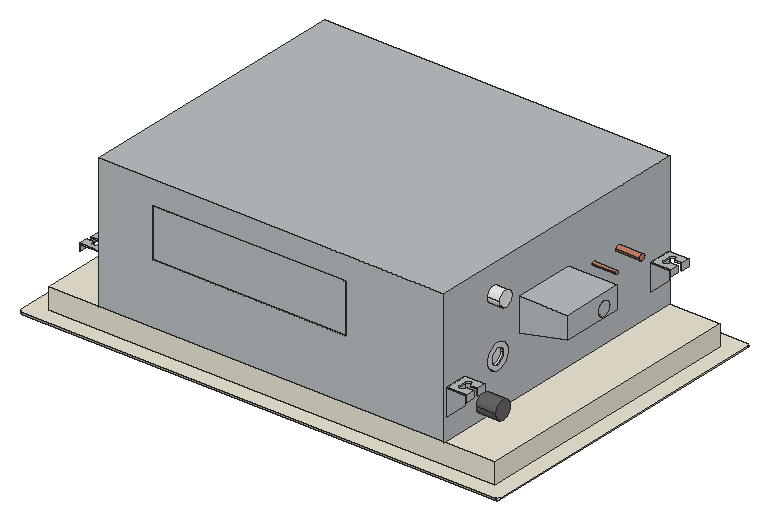
Revit family
Parameters (values of type "PLFY-P20VLMD-E")
  Description = "Ceiling concealed"
  Manufacturer = "Mitsubishi Electric Corporation"
  Model = "PLFY-P20VLMD-E"
  Type Comments = ""
  Width = 1080.00 mm
  Unit Weight(kg) = "23"
  URL = "http://global.mitsubishielectric.com/index.html"
  Suspension bolt pitch Depth [instance] = 574.00 mm
  Suspendion bolt pitch Width [instance] = 824.00 mm
  Subcategory = "HVAC"
  Specification URL = "http://www.mitsubishielectric.eu/en/our_businesses/les"
  Sound Pressure Levels (dB(A)) = "27-30-33(220V, 240V), 28-31-34(230V)"
  Refrigerant type = "-"
  Refrigerant Charge = "-"
  Protection Devices Inverter = "Fuse"
  Protection Devices Fan = "-"
  Protection Devices Compressor = "-"
  Power source = "Galvanized"
  MOCP = "-"
  MCA = "-"
  Lubricant = "-"
  Liquid pipe = 3.18 mm
  Hight pressure Protection Device = "-"
  Height = ""
  Heating Power Input(kW) = "0.065/0.069"
  Heating Current(A) = "0.30/0.32"
  Heating Capacity (BTU) = "8500"
  Gus pipe = 6.35 mm
  Fan Type x Quantity = "Turbo fan x 1"
  Fan Motor Output(kW) = "0.015"
  Depth [instance] = 710.00 mm
  Cooling Power Input(kW) = "0.072/0.075"
  Cooling Current(A) = "0.36/0.37"
  Cooling Capacity (BTU) = "7500"
  Connecting Pipe High pressure = "-"
  Compressor Type x Quantity = "-"
  Compressor Operating Range = "-"
  Compressor Motor Output = "-"
  Compressor Crankcase Heater = "-"
  Ceiling Opening Width [instance] = 1040.00 mm
  Ceiling Opening Depth [instance] = 670.00 mm
  Branch duct width = 435.00 mm
  Airflow Rate(cfm) = "230-283-335"
Types (8, lengths in mm): name | Model | Width | Unit Weight(kg) | Suspendion bolt pitch Width | Sound Pressure Levels (dB(A)) | Liquid pipe | Heating Power Input(kW) | Heating Current(A) | Heating Capacity (BTU) | Gus pipe | Fan Type x Quantity | Fan Motor Output(kW) | Cooling Power Input(kW) | Cooling Current(A) | Cooling Capacity (BTU) | Ceiling Opening Width | Branch duct width | Airflow Rate(cfm)
  PLFY-P40VLMD-E | "PLFY-P40VLMD-E" | 1080.00 | "24" | 994.00 | "29-33-36(220V, 240V), 30-34-37(230V)" | 3.18 | "0.074/0.079" | "0.34/0.37" | "17100" | 6.35 | "Turbo fan x 1" | "0.015" | "0.081/0.085" | "0.40/0.42" | "15400" | 1210.00 | 435.00 | "247-300-371"
  PLFY-P20VLMD-E | "PLFY-P20VLMD-E" | 1080.00 | "23" | 824.00 | "27-30-33(220V, 240V), 28-31-34(230V)" | 3.18 | "0.065/0.069" | "0.30/0.32" | "8500" | 6.35 | "Turbo fan x 1" | "0.015" | "0.072/0.075" | "0.36/0.37" | "7500" | 1040.00 | 435.00 | "230-283-335"
  PLFY-P25VLMD-E | "PLFY-P25VLMD-E" | 1080.00 | "23" | 824.00 | "27-30-33(220V, 240V), 28-31-34(230V)" | 3.18 | "0.065/0.069" | "0.30/0.32" | "10900" | 6.35 | "Turbo fan x 1" | "0.015" | "0.072/0.075" | "0.36/0.37" | "9600" | 1040.00 | 435.00 | "230-283-335"
  PLFY-P32VLMD-E | "PLFY-P32VLMD-E" | 1080.00 | "24" | 824.00 | "27-30-33(220V, 240V), 28-31-34(230V)" | 3.18 | "0.065/0.069" | "0.30/0.32" | "13600" | 6.35 | "Turbo fan x 1" | "0.015" | "0.072/0.075" | "0.36/0.37" | "12300" | 1040.00 | 435.00 | "230-283-335"
  PLFY-P50VLMD-E | "PLFY-P50VLMD-E" | 1250.00 | "27" | 994.00 | "31-34-37(220V, 240V), 32-35-38(230V)\r\n32-35-38(230V)" | 3.18 | "0.075/0.080" | "0.35/0.38" | "21500" | 6.35 | "Turbo fan x 1" | "0.020" | "0.082/0.086" | "0.41/0.43" | "19100" | 1210.00 | 435.00 | "318-388-441"
  PLFY-P63VLMD-E | "PLFY-P63VLMD-E" | 1250.00 | "28" | 994.00 | "32-37-39(220V, 240V), 33-38-40(230V)\r\n32-35-38(230V)" | 4.76 | "0.094/0.099" | "0.43/0.46" | "27300" | 7.94 | "Turbo fan x 1" | "0.020" | "0.101/0.105" | "0.49/0.51" | "24200" | 1210.00 | 435.00 | "353-459-547"
  PLFY-P80VLMD-E | "PLFY-P80VLMD-E" | 1750.00 | "44" | 1494.00 | "33-36-39(220V, 240V), 34-37-40(230V)\r\n32-35-38(230V)" | 4.76 | "0.140/0.150" | "0.66/0.69" | "34100" | 7.94 | "Turbo fan x 2" | "0.020" | "0.147/0.156" | "0.72/0.74" | "30700" | 1710.00 | 754.00 | "547-653-777"
  PLFY-P100VLMD-E | "PLFY-P100VLMD-E" | 1750.00 | "47" | 1494.00 | "36-39-42(220V, 240V), 37-41-43(230V)" | 4.76 | "0.150/0.180" | "0.69/0.83" | "42700" | 7.94 | "Turbo fan x 2" | "0.030" | "0.157/0.186" | "0.75/0.88" | "38200" | 1710.00 | 754.00 | "618-742-883"
Reference planes
  plane 1 "中心(正面/背面)": y = 0
  plane 2: z = 0
  plane 3 "中心(左/右)": x = 0
  plane 4 "天井": z = 4000
  plane 5: x = 540
  plane 6: x = -540
  plane 7: y = 355
  plane 8: y = -355
  plane 9: x = -520
  plane 10: x = 520
  plane 11: x = -412
  plane 12: x = 412
  plane 13: x = 388
  plane 14: x = -388
  plane 15: y = -335
  plane 16: y = 335
  plane 17: y = -287
  plane 18: y = 287
  plane 19: y = 317
  plane 20: y = -317
  plane 21: z = 3980
  plane 22: z = 4045
  plane 23: z = 4345
  plane 24: z = 4223
  plane 25: z = 4155
  plane 26: z = 4079
  plane 27: y = -180
  plane 28: y = 171
  plane 29: y = 101
  plane 30: y = -190
  plane 31: y = -120
  plane 32: y = 120
  plane 33: y = -95
  plane 34: y = 120
  plane 35: z = 4055
  plane 36: z = 4285
  plane 37: z = 4143
  plane 38: z = 4129
  plane 39: z = 4216
  plane 40: z = 4070
  plane 41: z = 4084
  plane 42: z = 4311
  plane 43: z = 4293
  plane 44: z = 4152
  plane 45: z = 4183
  plane 46: x = -502
  plane 47: x = 502
Forms (mm)
  Extrusion 1, solid, material "Plastic_Beige"
    sketch origin (0, 0, 4000) x (0, 1, 0) y (-1, 0, 0)
      loop
        arc (355, 530) -> (352.071, 537.071) -> (345, 540) r 10
        line (345, 540) -> (-345, 540)
        arc (-345, 540) -> (-352.071, 537.071) -> (-355, 530) r 10
        line (-355, 530) -> (-355, -530)
        arc (-355, -530) -> (-352.071, -537.071) -> (-345, -540) r 10
        line (-345, -540) -> (345, -540)
        arc (345, -540) -> (352.071, -537.071) -> (355, -530) r 10
        line (355, -530) -> (355, 530)
    from 0 to -20
  Extrusion 2, void
    sketch origin (0, 0, 0) x (1, 0, 0) y (0, 0, 1)
      loop
        arc (540, 4000) -> (522.361, 3985.279) -> (500, 3980) r 50
        line (500, 3980) -> (540, 3980) -> (540, 4000)
      loop
        line (-540, 4000) -> (-540, 3980) -> (-500, 3980)
        arc (-500, 3980) -> (-522.361, 3985.279) -> (-540, 4000) r 50
    from -355 to 355
  Extrusion 3, void
    sketch origin (0, 0, 0) x (0, 1, 0) y (0, 0, 1)
      loop
        line (-355, 4000) -> (-355, 3980) -> (-315, 3980)
        arc (-315, 3980) -> (-337.361, 3985.279) -> (-355, 4000) r 50
      loop
        arc (355, 4000) -> (337.361, 3985.279) -> (315, 3980) r 50
        line (315, 3980) -> (355, 3980) -> (355, 4000)
    from -540 to 540
  Extrusion 4, solid, material "Plastic_Beige"
    sketch origin (0, 0, 4000) x (0, 1, 0) y (-1, 0, 0)
      loop
        line (317, 502) -> (-317, 502) -> (-317, -502) -> (317, -502) -> (317, 502)
    from 0 to 45
  Extrusion 5, void
    sketch origin (0, 0, 4000) x (0, 1, 0) y (-1, 0, 0)
      loop
        line (306.206, 432.75) -> (240.206, 432.75) -> (240.206, -432.75) -> (304.803, -432.75)
        arc (304.803, -432.75) -> (312.246, -429.667) -> (315.329, -422.224) r 10.526
        line (315.329, -422.224) -> (315.329, 423.627)
        arc (315.329, 423.627) -> (312.657, 430.078) -> (306.206, 432.75) r 9.123
      loop
        arc (223.706, 422.75) -> (220.777, 429.821) -> (213.706, 432.75) r 10
        line (213.706, 432.75) -> (149.406, 432.75) -> (149.406, -432.75) -> (213.706, -432.75)
        arc (213.706, -432.75) -> (220.777, -429.821) -> (223.706, -422.75) r 10
        line (223.706, -422.75) -> (223.706, 422.75)
      loop
        arc (-306.206, 432.75) -> (-312.657, 430.078) -> (-315.329, 423.627) r 9.123
        line (-315.329, 423.627) -> (-315.329, -422.224)
        arc (-315.329, -422.224) -> (-312.246, -429.667) -> (-304.803, -432.75) r 10.526
        line (-304.803, -432.75) -> (-240.206, -432.75) -> (-240.206, 432.75) -> (-306.206, 432.75)
      loop
        line (-223.706, 422.75) -> (-223.706, -422.75)
        arc (-223.706, -422.75) -> (-220.777, -429.821) -> (-213.706, -432.75) r 10
        line (-213.706, -432.75) -> (-149.406, -432.75) -> (-149.406, 432.75) -> (-213.706, 432.75)
        arc (-213.706, 432.75) -> (-220.777, 429.821) -> (-223.706, 422.75) r 10
    from -5.146 to -40.01
  Extrusion 6, solid, material "Plated steel"
    sketch origin (0, 0, 4045) x (0, 1, 0) y (-1, 0, 0)
      loop
        line (-317, 388) -> (-317, -388) -> (317, -388) -> (317, 388) -> (-317, 388)
    from 0 to 300
  Extrusion 7, solid, material "Copper"
    sketch origin (388, -317, 4045) x (0, 1, 0) y (0, 0, 1)
      loop
        circle (488, 178) r 6.35
    from 0 to 55
  Extrusion 8, solid, material "Copper"
    sketch origin (0, 0, 0) x (0, 1, 0) y (0, 0, 1)
      loop
        circle (101, 4223) r 3.18
    from 388 to 443
  Blend 9, solid, material "Plated steel"
    base sketch origin (388, -317, 4045) x (0, 1, 0) y (0, 0, 1)
      loop
        line (209, 203.5) -> (209, 130) -> (347, 130) -> (347, 203.5) -> (209, 203.5)
    top sketch origin (388, -317, 4045) x (0, 1, 0) y (0, 0, 1)
      loop
        line (209, 203.5) -> (209, 153.5) -> (347, 153.5) -> (347, 203.5) -> (209, 203.5)
    from 0 to 112
  Extrusion 10, solid, material "Plastic_Gray"
    sketch origin (388, -317, 4045) x (0, 1, 0) y (0, 0, 1)
      loop
        circle (108.2, 34) r 20
    from 0 to 46
  Extrusion 11, solid, material "Plastic_White"
    sketch origin (388, -317, 4045) x (0, 1, 0) y (0, 0, 1)
      loop
        circle (137, 240) r 16.9
    from 0 to 29.2
  Extrusion 12, void
    sketch origin (388, -317, 4045) x (0, -1, 0) y (0, 0, 1)
      loop
        circle (-149, 108.75) r 19.25
    from 0 to 20
  Extrusion 13, solid
    sketch origin (388, -317, 4045) x (0, 1, 0) y (0, 0, 1)
      loop
        circle (149, 108.75) r 18.75
    from 0 to -8
  Extrusion 14, void
    sketch origin (388, -317, 4045) x (0, -1, 0) y (0, 0, 1)
      loop
        circle (-149, 108.75) r 17.75
    from 0 to 7
  Extrusion 15, solid
    sketch origin (388, -317, 4045) x (0, 1, 0) y (0, 0, 1)
      loop
        circle (149, 108.75) r 17.75
      loop
        circle (149, 108.75) r 27.75
    from 0 to 2
  Extrusion 16, void
    sketch origin (-388, 317, 4045) x (0, 1, 0) y (0, 0, 1)
      loop
        line (-412, 39) -> (-197, 39) -> (-197, 84) -> (-412, 84) -> (-412, 39)
      loop
        line (-198, 83) -> (-411, 83) -> (-411, 40) -> (-198, 40) -> (-198, 83)
    from 0 to 2
  Extrusion 17, solid, material "Plated steel"
    sketch origin (500, -317, 4045) x (0, 1, 0) y (0, 0, 1)
      loop
        circle (307.371, 174.996) r 15
    from 0 to 2
  Extrusion 18, void
    sketch origin (-388, -317, 4045) x (-1, 0, 0) y (0, 0, 1)
      loop
        line (-120, 248) -> (-555, 248) -> (-555, 138) -> (-120, 138) -> (-120, 248)
      loop
        line (-554, 247) -> (-554, 139) -> (-121, 139) -> (-121, 247) -> (-554, 247)
    from 0 to 2
Cuts and joins
  Extrusion 2, Extrusion 3, Extrusion 5 cuts Extrusion 1
  Extrusion 5 cuts Extrusion 4
  Extrusion 12, Extrusion 14, Extrusion 16, Extrusion 18 cuts Extrusion 6
  Extrusion 14 cuts Extrusion 13
Dimensions and locks
  equal spacing: host sketch curve, plane 3 "中心(左/右)", host sketch curve
  equal spacing: host sketch curve, plane 1 "中心(正面/背面)", host sketch curve
  host sketch curve to host sketch curve = 4000.00 mm  (x2)
  locked: plane 4 "天井" to host ceiling at 0
  "Width": plane 6 to plane 5
  equal spacing: plane 6, plane 3 "中心(左/右)", plane 5
  equal spacing: plane 8, plane 1 "中心(正面/背面)", plane 7
  "Depth": plane 8 to plane 7
  locked: plane 6 to plane 9 at 20
  locked: plane 10 to plane 5 at 20
  "Ceiling Opening Width": plane 9 to plane 10
  locked: plane 9 to plane 11 at 108
  locked: plane 12 to plane 10 at 108
  "Suspendion bolt pitch Width": plane 11 to plane 12
  locked: plane 5 to plane 13 at 152
  locked: plane 14 to plane 6 at 152
  plane 13 to plane 14 = 776.00 mm
  locked: plane 8 to plane 15 at 20
  locked: plane 16 to plane 7 at 20
  "Ceiling Opening Depth": plane 15 to plane 16
  locked: plane 8 to plane 17 at 68
  locked: plane 18 to plane 7 at 68
  "Suspension bolt pitch Depth": plane 17 to plane 18
  plane 20 to plane 19 = 634.00 mm
  equal spacing: plane 20, plane 1 "中心(正面/背面)", plane 19
  locked: host ceiling to plane 21 at 20
  locked: plane 22 to host ceiling at 45
  locked: plane 27 to plane 19 at 497
  locked: plane 28 to plane 19 at 146
  locked: plane 29 to plane 28 at 70
  locked: plane 30 to plane 19 at 507
  locked: plane 31 to plane 20 at 197
  locked: plane 32 to plane 31 at 240
  plane 34 to plane 33 = 215.00 mm
  locked: plane 33 to plane 20 at 222
  locked: plane 22 to plane 35 at 10
  locked: plane 35 to plane 23 at 290
  locked: plane 24 to plane 23 at 122
  locked: plane 25 to plane 23 at 190
  locked: plane 26 to plane 23 at 266
  locked: plane 36 to plane 23 at 60
  locked: plane 37 to plane 23 at 202
  locked: plane 38 to plane 23 at 216
  locked: plane 40 to plane 37 at 73
  locked: plane 41 to plane 38 at 45
  locked: plane 42 to plane 23 at 34
  locked: plane 43 to plane 23 at 52
  locked: plane 44 to plane 42 at 159
  locked: plane 45 to plane 43 at 110
  locked: plane 47 to plane 5 at 38
  locked: plane 6 to plane 46 at 38
  locked: plane 6 to Extrusion 5 sketch curve at 107.25  (x2)
  locked: Extrusion 5 sketch curve to Extrusion 5 sketch curve at 66  (x2)
  Extrusion 5 sketch curve to Extrusion 5 sketch curve = 64.596 mm
  locked: Extrusion 5 sketch curve to plane 5 at 107.25  (x2)
  locked: Extrusion 5 sketch curve to Extrusion 5 sketch curve at 74.3  (x2)
  cut or joined group of Extrusion 1, Extrusion 2, Extrusion 3, Extrusion 5 to cut or joined group of Extrusion 1, Extrusion 2, Extrusion 3, Extrusion 5 = 5.146 mm
  locked: plane 20 to Blend 9 sketch curve at 209
  locked: Blend 9 sketch curve to Blend 9 sketch curve at 138
  locked: Blend 9 sketch curve to plane 23 at 96.5
  locked: Blend 9 sketch curve to Blend 9 sketch curve at 73.5
  locked: Blend 9 sketch curve to Blend 9 sketch curve at 50
  locked: plane 15 to Extrusion 10 sketch curve at 126.2
  plane 15 to Extrusion 12 sketch curve = 167.00 mm
  Extrusion 12 sketch curve to plane 23 = 191.25 mm
  locked: Extrusion 18 sketch curve to cut or joined group of Extrusion 6, Extrusion 12, Extrusion 14, Extrusion 16, Extrusion 18 at 221
  "Branch duct width": Extrusion 18 sketch curve to Extrusion 18 sketch curve
  "Gus pipe": radius of Extrusion 7 sketch curve
  "Liquid pipe": radius of Extrusion 8 sketch curve
  aligned and locked: Extrusion 1 sketch curve to plane 7
  aligned and locked: Extrusion 1 sketch curve to plane 6
  aligned and locked: plane 8 to Extrusion 1 sketch curve
  aligned and locked: plane 5 to Extrusion 1 sketch curve
  aligned and locked: plane 21 to Extrusion 1
  aligned and locked: plane 8 to Extrusion 2
  aligned and locked: Extrusion 2 to plane 7
  aligned and locked: Extrusion 2 sketch curve to plane 6
  aligned and locked: Extrusion 2 sketch curve to plane 21
  aligned and locked: Extrusion 3 sketch curve to plane 8
  aligned and locked: plane 21 to Extrusion 3 sketch curve
  aligned and locked: Extrusion 3 sketch curve to plane 21
  aligned and locked: Extrusion 3 sketch curve to plane 7
  aligned and locked: Extrusion 3 to plane 5
  aligned and locked: Extrusion 3 to plane 6
  aligned and locked: Extrusion 4 to plane 22
  aligned and locked: plane 19 to Extrusion 4 sketch curve
  aligned and locked: plane 46 to Extrusion 4 sketch curve
  aligned and locked: Extrusion 4 sketch curve to plane 47
  aligned and locked: Extrusion 4 sketch curve to plane 20
  aligned and locked: plane 20 to Extrusion 6 sketch curve
  aligned and locked: Extrusion 6 sketch curve to plane 14
  aligned and locked: Extrusion 6 sketch curve to plane 19
  aligned and locked: plane 13 to Extrusion 6 sketch curve
  aligned and locked: Extrusion 6 to plane 23
  aligned and locked: nested 1 to plane 25
  aligned and locked: plane 18 to nested 1
  aligned and locked: plane 11 to nested 1
  aligned and locked: nested 2 to plane 25
  aligned and locked: plane 17 to nested 2
  aligned and locked: nested 2 to Extrusion 6
  aligned and locked: Extrusion 6 to nested 3
  aligned and locked: Extrusion 6 to nested 4
  aligned and locked: plane 25 to nested 4
  aligned and locked: plane 17 to nested 4
  aligned and locked: plane 25 to nested 3
  aligned and locked: plane 18 to nested 3
  aligned and locked: Extrusion 8 to Extrusion 7
  aligned and locked: Extrusion 8 to plane 13
  aligned and locked: Blend 9 sketch curve to var sketch  (x2)
  aligned and locked: var sketch to Blend 9 sketch curve
  aligned and locked: Extrusion 15 sketch curve to cut or joined group of Extrusion 13, Extrusion 14  (x2)
  aligned and locked: plane 38 to Extrusion 16 sketch curve
  aligned and locked: Extrusion 16 sketch curve to plane 41
  aligned and locked: plane 34 to Extrusion 16 sketch curve
  aligned and locked: Extrusion 16 sketch curve to plane 33
  aligned and locked: Extrusion 18 sketch curve to plane 43
  aligned and locked: plane 45 to Extrusion 18 sketch curve
Automatic sketch dimensions
  plane 4 "天井" to Extrusion 3 sketch curve = 0.00 mm  (x2)
  Extrusion 3 sketch curve to plane 20 = 2.00 mm
  plane 19 to Extrusion 3 sketch curve = 2.00 mm
  Extrusion 5 sketch curve to plane 20 = 1.671 mm
  Extrusion 5 sketch curve to plane 20 = 10.794 mm
  Extrusion 5 sketch curve to plane 20 = 12.197 mm
  Extrusion 5 sketch curve to Extrusion 5 sketch curve = 16.50 mm  (x2)
  Extrusion 5 sketch curve to Extrusion 5 sketch curve = 10.00 mm  (x4)
  plane 28 to Extrusion 5 sketch curve = 21.594 mm
  plane 19 to Extrusion 5 sketch curve = 1.671 mm
  plane 12 to Extrusion 5 sketch curve = 20.75 mm  (x2)
  Extrusion 5 sketch curve to plane 11 = 10.75 mm
  Extrusion 5 sketch curve to plane 11 = 11.627 mm
  Extrusion 1 sketch curve to plane 8 = 10.00 mm
  Extrusion 1 sketch curve to Extrusion 1 sketch curve = 10.00 mm  (x2)
  plane 6 to Extrusion 1 sketch curve = 10.00 mm
  Extrusion 2 sketch curve to plane 21 = 0.00 mm
  Extrusion 2 sketch curve to plane 5 = 0.00 mm
  Extrusion 2 sketch curve to plane 4 "天井" = 0.00 mm  (x2)
  plane 46 to Extrusion 2 sketch curve = 2.00 mm
  Extrusion 2 sketch curve to plane 47 = 2.00 mm
  Extrusion 7 sketch curve to Extrusion 6 = 146.00 mm
  Extrusion 6 to Extrusion 7 sketch curve = 122.00 mm
  plane 24 to Extrusion 8 sketch curve = 0.00 mm
  Extrusion 8 sketch curve to plane 29 = 0.00 mm
  Extrusion 6 to Extrusion 10 sketch curve = 34.00 mm
  Extrusion 6 to Extrusion 11 sketch curve = 60.00 mm
  Extrusion 11 sketch curve to Extrusion 6 = 137.00 mm
  Extrusion 13 sketch curve to Extrusion 13 sketch curve = 18.75 mm
  Extrusion 14 sketch curve to Extrusion 14 sketch curve = 17.75 mm
  Extrusion 15 sketch curve to Extrusion 15 sketch curve = 0.00 mm  (x2)
  Extrusion 15 sketch curve to Extrusion 15 sketch curve = 10.00 mm
  Extrusion 13 sketch curve to Extrusion 13 sketch curve = 0.00 mm  (x2)
  Extrusion 13 sketch curve to Extrusion 6 = 130.25 mm
  Extrusion 6 to Extrusion 13 sketch curve = 108.75 mm
  Extrusion 14 sketch curve to Extrusion 14 sketch curve = 0.00 mm  (x2)
  Extrusion 6 to Extrusion 14 sketch curve = 166.75 mm
  Extrusion 14 sketch curve to Extrusion 6 = 108.75 mm
  Extrusion 16 sketch curve to Extrusion 16 sketch curve = 1.00 mm  (x4)
  Extrusion 17 sketch curve to Blend 9 = 39.629 mm
  Extrusion 17 sketch curve to Blend 9 = 21.496 mm
  Extrusion 18 sketch curve to Extrusion 18 sketch curve = 1.00 mm  (x4)
  radius of Extrusion 10 sketch curve = 20.00 mm
  radius of Extrusion 11 sketch curve = 16.90 mm
  radius of Extrusion 12 sketch curve = 19.25 mm
  radius of Extrusion 17 sketch curve = 15.00 mm
Nested families
  nested 1: "LEG_KB02K883" at (-412, 287, 4155) x (0, -1, 0) z (0, 0, 1), type "LEG_24"
  nested 2: "LEG_KB02K883" at (-412, -287, 4155) x (0, -1, 0) z (0, 0, 1), type "LEG_24"
  nested 3: "LEG_KB02K883" at (412, 287, 4155) x (0, -1, 0) z (0, 0, 1), type "LEG_24"
  nested 4: "LEG_KB02K883" at (412, -287, 4155) x (0, -1, 0) z (0, 0, 1), type "LEG_24"
Connectors
  piping at (443, 171, 4223), driven by "Gus pipe"
    settings: on Extrusion 7, index 1, connector radius 6.35 mm, flow factor 0, pipe flow 0.0 L/s, pressure drop 0.0 Pa, fitting loss kfactor 0, connector angle 0.00°, fixture units 0, flow configuration 2, flow direction 0, fitting loss method 0, system type 22, connector reference index -1, connector utility 0, adjustable connector no, is connector primary yes, fitting loss table "", connector description ""
  piping at (443, 101, 4223), driven by "Liquid pipe"
    settings: on Extrusion 8, index 2, connector radius 3.18 mm, flow factor 0, pipe flow 0.0 L/s, pressure drop 0.0 Pa, fitting loss kfactor 0, connector angle 0.00°, fixture units 0, flow configuration 2, flow direction 0, fitting loss method 0, system type 22, connector reference index -1, connector utility 0, adjustable connector no, is connector primary no, fitting loss table "", connector description ""
  electrical at (502, -9.629, 4219.996)
    settings: on Extrusion 17, index 3, voltage 0 V, apparent load 0 VA, apparent load phase1 0 VA, apparent load phase2 0 VA, apparent load phase3 0 VA, power factor 1, load classification "その他", number of poles 3, system type 30, power factor state 1, is connector primary yes, connector utility no, sub classification motor no, connector description ""
  piping at (417.2, -180, 4285)
    settings: on Extrusion 11, index 4, connector radius 16.9 mm, flow factor 0, pipe flow 0.0 L/s, pressure drop 0.0 Pa, fitting loss kfactor 0, connector angle 0.00°, fixture units 0, flow configuration 2, flow direction 2, fitting loss method 0, system type 22, connector reference index -1, connector utility 0, adjustable connector no, is connector primary no, fitting loss table "", connector description ""
  piping at (434, -208.8, 4079)
    settings: on Extrusion 10, index 5, connector radius 20 mm, flow factor 0, pipe flow 0.0 L/s, pressure drop 0.0 Pa, fitting loss kfactor 0, connector angle 0.00°, fixture units 0, flow configuration 2, flow direction 2, fitting loss method 0, system type 22, connector reference index -1, connector utility 0, adjustable connector no, is connector primary no, fitting loss table "", connector description ""
Definition of nested family "LEG_KB02K883"
  Parameters (values of type "LEG_24")
    product distance = 24.00 mm
  Types (3, lengths in mm): name | product distance
    (no name) | 24.00
    LEG_28 | 28.00
    LEG_24 | 24.00
  Reference planes
    plane 1 "中心(正面/背面)": y = 0
    plane 2: z = 0
    plane 3 "中心(左/右)": x = 0
    plane 4: x = -25
    plane 5: x = 25
    plane 6: y = -23
    plane 7: y = 24
    plane 8: x = -8
    plane 9: x = 8
    plane 10: x = -6
    plane 11: x = 6
  Forms (mm)
    Extrusion 1, solid, material "Plated steel"
      sketch origin (0, 0, 0) x (1, 0, 0) y (0, 1, 0)
        loop
          line (-25, 24) -> (-25, -23) -> (25, -23) -> (25, 24) -> (-25, 24)
      from 0 to -60
    Extrusion 2, void
      sketch origin (0, 0, 0) x (0, 1, 0) y (0, 0, 1)
        loop
          line (-20.7, -2.3) -> (-20.7, -15) -> (-23, -15) -> (-23, -60) -> (22, -60) -> (22, -2.3) -> (-20.7, -2.3)
      from -25 to 25
    Extrusion 3, void
      sketch origin (0, 0, 0) x (1, 0, 0) y (0, 1, 0)
        loop
          arc (-8, 7) -> (-15, 0) -> (-8, -7) r 7
          line (-8, -7) -> (-6, -7) -> (-6, -23) -> (6, -23) -> (6, -7) -> (8, -7)
          arc (8, -7) -> (15, 0) -> (8, 7) r 7
          line (8, 7) -> (-8, 7)
      from 0 to -60
  Cuts and joins
    Extrusion 2, Extrusion 3 cuts Extrusion 1
  Dimensions and locks
    locked: Extrusion 1 sketch curve to Extrusion 1 sketch curve at 50
    equal spacing: Extrusion 1 sketch curve, plane 3 "中心(左/右)", Extrusion 1 sketch curve
    locked: plane 6 to plane 1 "中心(正面/背面)" at 23
    "product distance": plane 1 "中心(正面/背面)" to plane 7
    locked: plane 7 to Extrusion 2 sketch curve at 2
    locked: cut or joined group of Extrusion 1, Extrusion 2, Extrusion 3 to cut or joined group of Extrusion 1, Extrusion 2, Extrusion 3 at 2.3  (x2)
    aligned and locked: level to plane 2
    aligned and locked: Extrusion 2 to Extrusion 1
    aligned and locked: Extrusion 1 to Extrusion 2
    aligned and locked: Extrusion 2 sketch curve to cut or joined group of Extrusion 1, Extrusion 2, Extrusion 3  (x2)
    aligned and locked: cut or joined group of Extrusion 1, Extrusion 2, Extrusion 3 to Extrusion 3 sketch curve
    aligned and locked: plane 6 to Extrusion 1 sketch curve
    aligned and locked: Extrusion 1 sketch curve to plane 7
  Automatic sketch dimensions
    Extrusion 2 sketch curve to plane 6 = 2.30 mm
    Extrusion 2 sketch curve to level = 15.00 mm
    Extrusion 2 sketch curve to level = 2.30 mm
    plane 1 "中心(正面/背面)" to Extrusion 3 sketch curve = 0.00 mm  (x2)
    Extrusion 3 sketch curve to plane 8 = 0.00 mm
    Extrusion 3 sketch curve to plane 10 = 0.00 mm
    Extrusion 3 sketch curve to plane 11 = 0.00 mm
    Extrusion 3 sketch curve to plane 9 = 0.00 mm  (x2)
    plane 1 "中心(正面/背面)" to Extrusion 3 sketch curve = 7.00 mm
